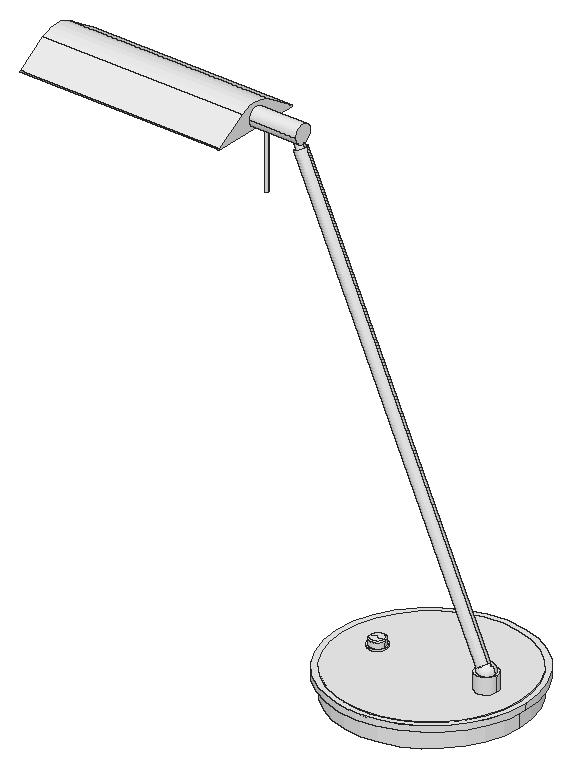
Revit family "Лампа настольная на подставке", category Оборудование, Revit 2017
Family settings
  Размер круглого соединителя = Использовать диаметр
  Тип детали = Нормальный
  На основе рабочей плоскости = Нет
  Всегда вертикально = Да
  При загрузке вырезать с полостями = Нет
  Общий = Нет
  Точка расчета площади = Нет
Parameters (values of type "Тип")
  Ширина = 200.0 mm
  Число полюсов = 1
  Примечание = ""
  Позиция = ""
  Обозначение = ""
  Напряжение = 220 V
  Наименование = "Лампа настольная на подставке"
  Мощность номинальная = 10 W
  Масса = ""
  Код оборудования = ""
  Keynote = ""
  Изготовитель = "Severin"
  Задание = "ЭМ"
  Завод = ""
  Единицы = "шт."
  Группа модели = "ТХ"  # constant formula
  Глубина = 200.0 mm
  Высота = 800.0 mm
Reference planes
  plane 1 "По центру (Вперед/Назад)": y = 0
  plane 2: z = 0
  plane 3 "По центру (Влево/Вправо)": x = 0
  plane 4: x = -100
  plane 5: x = 100
  plane 6: y = 100
  plane 7: y = -100
  plane 8: z = 499.356
Forms (mm)
  Extrusion 1, solid, material "Finish - CH", detail levels medium+fine
    sketch origin (0, 0, 0) x (1, 0, 0) y (0, 1, 0)
      loop
        circle (0, 0) r 95.25
    from 0 to 25.4
  Extrusion 2, solid, material "Finish - CH"
    sketch origin (0, 0, 0) x (1, 0, 0) y (0, 1, 0)
      loop
        circle (0, 0) r 101.6
    from 25.4 to 19.05
  Extrusion 3, solid, material "Finish - CH"
    sketch origin (75.933, 0, 2.375) x (0.909656, 0, 0.415363) y (0, 1, 0)
      loop
        circle (0, 0) r 6.35
    from 36.806 to 520.219
  Revolve 4, solid, material "Finish - CH", detail levels medium+fine
    sketch origin (59.111, 0, 0) x (1, 0, 0) y (0, 0, 1)
      loop
        line (0, 25.4) -> (9.525, 25.4) -> (11.458, 25.4) -> (11.458, 41.54) -> (0, 41.54) -> (0, 25.4)
      axis (0, 41.54) -> (0, 25.4)
    angle from 0 to 360
  Revolve 5, solid, material "Finish - CH", detail levels medium+fine
    sketch origin (-14.288, 0, 0) x (1, 0, 0) y (0, 0, 1)
      loop
        line (64.388, 41.54) -> (73.398, 41.54) -> (73.398, 50.55)
        arc (73.398, 50.55) -> (67.027, 47.911) -> (64.388, 41.54) r 9.01
      axis (73.398, 50.55) -> (73.398, 41.54)
    angle from 0 to 360
  Revolve 6, solid, material "Finish - CH", detail levels medium+fine
    sketch origin (0, 0, 0) x (1, 0, 0) y (0, 0, 1)
      loop
        line (-57.958, 25.4) -> (-48.111, 25.4) -> (-48.111, 26.849) -> (-57.958, 26.849) -> (-57.958, 25.4)
      axis (-57.958, 25.4) -> (-57.958, 26.849)
    angle from 0 to 360
  Revolve 7, solid, material "Finish - CH", detail levels medium+fine
    sketch origin (0, 0, 0) x (1, 0, 0) y (0, 0, 1)
      loop
        line (-57.958, 26.849) -> (-49.875, 26.849) -> (-49.875, 32.241)
        arc (-49.875, 32.241) -> (-50.149, 32.967) -> (-50.834, 33.332) r 1.101
        arc (-50.834, 33.332) -> (-54.388, 33.679) -> (-57.958, 33.795) r 55.111
        line (-57.958, 33.795) -> (-57.958, 26.849)
      axis (-57.958, 33.795) -> (-57.958, 26.849)
    angle from 0 to 360
  Extrusion 8, solid, material "Finish - CH", detail levels medium+fine
    sketch origin (75.933, 0, 2.375) x (0.909656, 0, 0.415363) y (0, 1, 0)
      loop
        circle (0, 0) r 4.279
    from 515.187 to 531.938
  Extrusion 9, solid, material "Finish - CH"
    sketch origin (-188.896, 0, -937.264) x (0, 1, 0) y (0, 0, 1)
      loop
        circle (0, 1427.094) r 9.525
    from 0 to 50.8
  Extrusion 10, solid, material "Finish - CH"
    sketch origin (-290.496, 0, -937.264) x (0, 1, 0) y (0, 0, 1)
      loop
        line (0, 1414.86) -> (47.87, 1414.86)
        arc (47.87, 1414.86) -> (48.678, 1415.469) -> (48.315, 1416.413) r 0.84
        line (48.315, 1416.413) -> (18.056, 1435.321)
        arc (18.056, 1435.321) -> (0, 1440.499) -> (-18.056, 1435.321) r 34.074
        line (-18.056, 1435.321) -> (-48.402, 1416.359)
        arc (-48.402, 1416.359) -> (-48.751, 1415.448) -> (-47.972, 1414.86) r 0.811
        line (-47.972, 1414.86) -> (0, 1414.86)
    from -112.6 to 101.6
  Extrusion 11, solid, material "Finish - CH", detail levels medium+fine
    sketch origin (69.554, 0, 383.536) x (1, 0, 0) y (0, 1, 0)
      loop
        circle (-246.522, 0) r 1.915
    from 38.1 to 101.6
Lines and regions (mm)
  symbolic lines, detail levels medium
    curve 1: line (100, -100, 0) -> (-100, -100, 0)
    curve 2: line (100, 100, 0) -> (100, -100, 0)
    curve 3: line (-100, 100, 0) -> (100, 100, 0)
    curve 4: line (-100, -100, 0) -> (-100, 100, 0)
    curve 5: line (-13.163, -100, 0) -> (0, -81.201, 0)
    curve 6: line (13.163, -100, 0) -> (0, -81.201, 0)
Dimensions and locks
  equal spacing: plane 4, plane 3 "По центру (Влево/Вправо)", plane 5
  "Ширина": plane 4 to plane 5
  equal spacing: plane 6, plane 1 "По центру (Вперед/Назад)", plane 7
  "Глубина": plane 6 to plane 7
  plane 8 to level = 499.356 mm
  aligned and locked: level to plane 2
Automatic sketch dimensions
  curve 5 to plane 3 "По центру (Влево/Вправо)" = 0.0 mm
  plane 7 to curve 5 = 18.799 mm
  curve 5 to plane 3 "По центру (Влево/Вправо)" = 13.163 mm
  plane 3 "По центру (Влево/Вправо)" to curve 6 = 13.163 mm
  curve 1 to plane 4 = 0.0 mm
  curve 2 to plane 5 = 0.0 mm
  curve 1 to plane 7 = 0.0 mm
  curve 3 to plane 6 = 0.0 mm
  plane 1 "По центру (Вперед/Назад)" to Extrusion 1 sketch curve = 0.0 mm
  Extrusion 1 sketch curve to plane 3 "По центру (Влево/Вправо)" = 0.0 mm
  plane 1 "По центру (Вперед/Назад)" to Extrusion 2 sketch curve = 0.0 mm
  Extrusion 2 sketch curve to plane 3 "По центру (Влево/Вправо)" = 0.0 mm
  plane 1 "По центру (Вперед/Назад)" to Extrusion 3 sketch curve = 0.0 mm
  level to Revolve 4 sketch curve = 25.4 mm
  plane 3 "По центру (Влево/Вправо)" to Revolve 4 sketch curve = 59.111 mm
  Revolve 4 sketch curve to Revolve 4 sketch curve = 9.525 mm
  Revolve 4 sketch curve to Revolve 4 sketch curve = 11.458 mm
  Revolve 4 sketch curve to Revolve 4 sketch curve = 16.14 mm
  Revolve 4 sketch curve to Revolve 4 sketch curve = 0.0 mm  (x2)
  Revolve 4 sketch curve to Revolve 4 sketch curve = 2.18 mm
  plane 3 "По центру (Влево/Вправо)" to Revolve 5 sketch curve = 50.1 mm
  Revolve 5 sketch curve to Revolve 5 sketch curve = 9.01 mm
  level to Revolve 5 sketch curve = 41.54 mm
  Revolve 5 sketch curve to Revolve 5 sketch curve = 0.0 mm  (x2)
  Revolve 5 sketch curve to Revolve 5 sketch curve = 1.441 mm
  level to Revolve 6 sketch curve = 25.4 mm
  Revolve 6 sketch curve to plane 3 "По центру (Влево/Вправо)" = 57.958 mm
  Revolve 6 sketch curve to Revolve 6 sketch curve = 9.847 mm
  Revolve 6 sketch curve to Revolve 6 sketch curve = 1.449 mm
  Revolve 6 sketch curve to Revolve 6 sketch curve = 0.0 mm  (x3)
  Revolve 7 sketch curve to plane 3 "По центру (Влево/Вправо)" = 57.958 mm
  Revolve 7 sketch curve to Revolve 7 sketch curve = 6.982 mm
  Revolve 7 sketch curve to Revolve 7 sketch curve = 1.101 mm
  Revolve 7 sketch curve to level = 21.317 mm
  level to Revolve 7 sketch curve = 26.849 mm
  Revolve 7 sketch curve to Revolve 7 sketch curve = 5.392 mm
  Revolve 7 sketch curve to Revolve 7 sketch curve = 6.946 mm
  Revolve 7 sketch curve to Revolve 7 sketch curve = 0.0 mm  (x3)
  plane 1 "По центру (Вперед/Назад)" to Extrusion 8 sketch curve = 0.0 mm
  Extrusion 9 sketch curve to plane 1 "По центру (Вперед/Назад)" = 0.0 mm
  Extrusion 10 sketch curve to plane 1 "По центру (Вперед/Назад)" = 0.0 mm  (x2)
  plane 1 "По центру (Вперед/Назад)" to Extrusion 10 sketch curve = 18.056 mm
  Extrusion 10 sketch curve to Extrusion 10 sketch curve = 29.916 mm
  Extrusion 10 sketch curve to Extrusion 10 sketch curve = 0.43 mm
  Extrusion 10 sketch curve to plane 1 "По центру (Вперед/Назад)" = 18.056 mm
  Extrusion 10 sketch curve to Extrusion 10 sketch curve = 29.814 mm
  Extrusion 10 sketch curve to Extrusion 10 sketch curve = 0.445 mm
  Extrusion 10 sketch curve to Extrusion 10 sketch curve = 8.435 mm
  Extrusion 10 sketch curve to Extrusion 10 sketch curve = 0.811 mm
  Extrusion 10 sketch curve to Extrusion 10 sketch curve = 0.84 mm
  Extrusion 10 sketch curve to Extrusion 10 sketch curve = 20.461 mm
  plane 1 "По центру (Вперед/Назад)" to Extrusion 11 sketch curve = 0.0 mm
  Extrusion 11 sketch curve to plane 4 = 76.968 mm
  level to Extrusion 9 sketch curve = 489.831 mm
  level to Extrusion 10 sketch curve = 469.161 mm
  radius of Extrusion 1 sketch curve = 95.25 mm
  radius of Extrusion 2 sketch curve = 101.6 mm
  radius of Extrusion 3 sketch curve = 6.35 mm
  radius of Extrusion 8 sketch curve = 4.279 mm
  radius of Extrusion 9 sketch curve = 9.525 mm
  radius of Extrusion 11 sketch curve = 1.915 mm
Connectors
  electrical at (0, 0, 0), driven by "Число полюсов", driven by "Напряжение"
    settings: on Extrusion 1, index 1, voltage 220 V, apparent load 40 VA, apparent load phase1 0 VA, apparent load phase2 0 VA, apparent load phase3 0 VA, power factor 1, load classification "Прочее", number of poles 1, system type 30, power factor state 1, is connector primary yes, connector utility no, sub classification motor no, connector description ""
